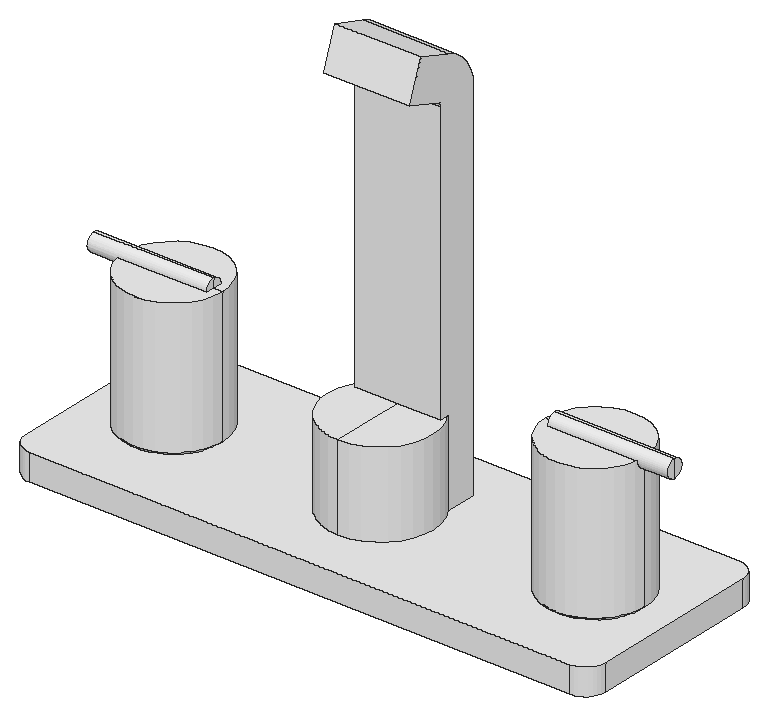
Revit family "Faucet-Lavatory-DXV-Rem-D3510045X_Series", category Plumbing Fixtures, host Face, Revit 2014
Parameters (values of type "D35100450.100")
  Width = 11"  # constant formula
  Waste Connection = yes
  Warranty Documentation Link = "https://www.dxv.com/-/media/files/dxv/warranty/dxv_warranty_booklet.ashx"
  WFU = 2  # constant formula
  Vent Connection = no
  URL = "https://www.dxv.com/"
  Type Comments = ""
  Revised Date = "26/09/2017"  # constant formula
  Product Page URL = "http://www.dxv.com/Product/Rem-Wall-Mount-Lavatory-Faucet"
  Product Documentation Link = "https://dxv01.blob.core.windows.net/dxv-product-pdf-files/spec_D3510045_DXV_Rem_wallmt_faucet_EN.pdf"
  Price = "Prices may vary. Please consult Manufacturer Representative for most up-to-date price list."  # constant formula
  Model = "D35100450.100"
  Material = "Metal-DXV-100-Polished Chrome"
  Length = 8 1/2"  # constant formula
  Installation Type = "Wall Mounted"  # constant formula
  Hot Water Connection Diameter = Hot Water Connection Radius * 2  # 1/2"
  Height = 4"  # constant formula
  Finish = Metal-DXV-100-Polished Chrome
  Manufacturer = "DXV"  # constant formula
  Hot Water Connection Width = 4"  # constant formula
  Hot Water Connection Radius = 1/4"  # constant formula
  HWFU = 1.5  # constant formula
  HW Connection = yes
  Flow Rate = "1.5 gpm (5.7L/min)"
  Description = "Rem Wall Mounted Lavatory Faucet"  # constant formula
  Default Elevation = 40"  # constant formula
  Creation Date = "24/2/2014"  # constant formula
  Cold Water Connection Width = 4"  # constant formula
  Cold Water Connection Radius = 1/4"  # constant formula
  Cold Water Connection Diameter = Cold Water Connection Radius * 2  # 1/2"
  CWFU = 1.5  # constant formula
  CW Connection = yes
  Assembly Code = "D2020300"
  ADA Compliant = yes
Types (5): name | Model | Material | Finish | Flow Rate
  (no name) | "D35100450.100" | "Metal-DXV-100-Polished Chrome" | Metal-DXV-100-Polished Chrome | "1.5 gpm (5.7L/min)"
  D35100450.100 | "D35100450.100" | "Metal-DXV-100-Polished Chrome" | Metal-DXV-100-Polished Chrome | "1.5 gpm (5.7L/min)"
  D35100450.144 | "D35100450.144" | "Metal-DXV-144-Brushed Nickel" | Metal-DXV-144-Brushed Nickel | "1.5 gpm (5.7L/min)"
  D3510045C.144 | "D3510045C.144" | "Metal-DXV-144-Brushed Nickel" | Metal-DXV-144-Brushed Nickel | "1.2 gpm (4.5 L/min)"
  D3510045C.100 | "D3510045C.100" | "Metal-DXV-100-Polished Chrome" | Metal-DXV-100-Polished Chrome | "1.2 gpm (4.5 L/min)"
Reference planes (in)
  plane 1 "Center (Front/Back)": y = 0
  plane 2: z = 0
  plane 3 "Center (Left/Right)": x = 0
  plane 4: z = 8.5
  plane 5: x = 1
  plane 6: x = -1
  plane 7: x = 0.8125
  plane 8: x = -0.8125
  plane 9: z = 0.5
  plane 10: z = 3.25
  plane 11: y = -2
  plane 12: y = 2
  plane 13: z = 8.125
  plane 14: y = -0.15888
  plane 15: y = -0.40888
  plane 16: x = -5.5
  plane 17: x = -4.93767
  plane 18: x = -3.06267
  plane 19: x = 5.5
  plane 20: x = 4.9375
  plane 21: x = 3.0625
  plane 22: x = -4
  plane 23: x = 4
Forms (in)
  Extrusion 1, solid, material "Metal-DXV-100-Polished Chrome" <- "Finish"
    sketch origin (-2.27572, 0, 0) x (0, -1, 0) y (1, 0, 0)
      loop
        arc (-1.625, 7.77572) -> (-1.89017, 7.66589) -> (-2, 7.40072) r 0.375
        line (-2, 7.40072) -> (-2, -2.84921)
        arc (-2, -2.84921) -> (-1.89017, -3.11438) -> (-1.625, -3.22421) r 0.375
        line (-1.625, -3.22421) -> (1.625, -3.22421)
        arc (1.625, -3.22421) -> (1.89017, -3.11438) -> (2, -2.84921) r 0.375
        line (2, -2.84921) -> (2, 7.40072)
        arc (2, 7.40072) -> (1.89017, 7.66589) -> (1.625, 7.77572) r 0.375
        line (1.625, 7.77572) -> (-1.625, 7.77572)
    from 0 to 0.5
  Revolve 2, solid, material "Metal-DXV-100-Polished Chrome" <- "Finish"
    sketch origin (0, -0.09067, 0) x (0, 1, 0) y (0, 0, 1)
      loop
        line (0, 0.5) -> (0, 2.11625) -> (-1, 2.11625) -> (-1, 0.5) -> (0, 0.5)
      axis (0, 2.11625) -> (0, 0.5)
    angle from 0 to 360
  Sweep 3, solid, material "Metal-DXV-100-Polished Chrome" <- "Finish"
    path origin (0, -0.28599, 0.28548) x (0, 1, 0) y (0, 0, 1)
      loop
        line (1.37666, 0.21452) -> (1.37666, 7.15776)
        arc (1.37666, 7.15776) -> (1.21627, 7.66161) -> (0.79413, 7.98002) r 0.8716
        line (0.79413, 7.98002) -> (0.12711, 8.21452)
    profile origin (0, 1.09067, 3.97162) x (0, -1, 0) y (1, 0, 0)
      loop
        line (0, -0.8125) -> (0.76562, -0.8125) -> (0.76562, 0.8125) -> (0, 0.8125) -> (0, -0.8125)
  Revolve 4, solid, material "Metal-DXV-100-Polished Chrome" <- "Finish"
    sketch origin (-9.13707, 0, 0) x (1, 0, 0) y (0, 0, 1)
      loop
        line (5.13707, 3.08399) -> (4.19939, 3.08399) -> (4.19939, 0.53687) -> (4.23626, 0.5) -> (5.13707, 0.5) -> (5.13707, 3.08399)
      axis (5.13707, 3.08399) -> (5.13707, 0.5)
    angle from 0 to 360
  Revolve 5, solid, material "Metal-DXV-100-Polished Chrome" <- "Finish"
    sketch origin (-9.41333, 0, 0.33392) x (1, 0, 0) y (0, 0, 1)
      loop
        line (3.91255, 2.75) -> (6.1789, 2.75) -> (6.1789, 2.91608) -> (3.91255, 2.91608) -> (3.91255, 2.75)
      axis (3.91255, 2.75) -> (6.1789, 2.75)
    angle from 0 to 360
  Extrusion 6, solid, material "Metal-DXV-100-Polished Chrome" <- "Finish", not visible
    sketch origin (0.34375, 0, 0.0705) x (1, 0, 0) y (0, 1, 0)
      loop
        circle (-4.34375, 0) r 0.25
      loop
        circle (3.65625, 0) r 0.25
    from -0.13122 to -0.0705
  Revolve 7, solid, material "Metal-DXV-100-Polished Chrome" <- "Finish"
    sketch origin (9.13707, 0, 0) x (-1, 0, 0) y (0, 0, -1)
      loop
        line (5.13707, -3.08399) -> (5.13707, -0.5) -> (4.23643, -0.5) -> (4.19957, -0.53687) -> (4.19957, -3.08399) -> (5.13707, -3.08399)
      axis (5.13707, -3.08399) -> (5.13707, -0.5)
    angle from 0 to 360
  Revolve 8, solid, material "Metal-DXV-100-Polished Chrome" <- "Finish"
    sketch origin (9.41339, 0, 0.33392) x (-1, 0, 0) y (0, 0, -1)
      loop
        line (3.91255, -2.75) -> (3.91255, -2.91608) -> (6.1789, -2.91608) -> (6.1789, -2.75) -> (3.91255, -2.75)
      axis (3.91255, -2.75) -> (6.1789, -2.75)
    angle from 0 to 360
Cuts and joins
  joined: Extrusion 1, Revolve 2, Sweep 3, Revolve 4, Revolve 5, Revolve 7, Revolve 8
Lines and regions (in)
  Masking region 1
    outline origin (0, 0, 0) x (1, 0, 0) y (0, 0, 1)
      loop
        line (5.5, 0) -> (5.5, 0.5) -> (4.90063, 0.5) -> (4.9375, 0.53687) -> (4.9375, 2.91475) -> (5.50084, 2.91475) -> (5.50084, 3.25095) -> (3.23449, 3.25095) -> (3.23449, 3.08399) -> (3.0625, 3.08399) -> (3.0625, 0.53687) -> (3.09937, 0.5) -> (1, 0.5) -> (1, 2.11625) -> (0.8125, 2.11625) -> (0.8125, 8.5) -> (-0.8125, 8.5) -> (-0.8125, 2.11625) -> (-1.00168, 2.11625) -> (-1.00168, 0.5) -> (-3.0992, 0.5) -> (-3.06233, 0.53687) -> (-3.06233, 3.08399) -> (-3.23442, 3.08399) -> (-3.23442, 3.25) -> (-5.50077, 3.25) -> (-5.50077, 2.91785) -> (-4.93492, 2.91785) -> (-4.93492, 0.53585) -> (-4.89907, 0.5) -> (-5.49994, 0.5) -> (-5.49994, 0) -> (5.5, 0)
  symbolic lines, detail levels medium+fine
    curve 1: line (4.91974, 0, 3.08399) -> (3.23449, 0, 3.08399)
    curve 2: arc (4.91974, 0, 3.08399) -> (4.92332, 0, 2.99893) -> (4.9375, 0, 2.91498) r 0.68037
    curve 4: line (4.90063, 0, 0.5) -> (3.09937, 0, 0.5)
    curve 5: line (0.8125, 0, 2.11625) -> (0.8125, 0, 0.5)
    curve 6: line (-0.8125, 0, 2.11625) -> (-0.8125, 0, 0.5)
    curve 7: line (1, 0, 0.5) -> (-1, 0, 0.5)
    curve 9: line (-4.9008, 0, 0.5) -> (-3.0992, 0, 0.5)
    curve 10: line (-3.23442, 0, 3.08392) -> (-4.92099, 0, 3.08392)
    curve 11: arc (-4.93694, 0, 2.9171) -> (-4.92538, 0, 3.00017) -> (-4.92099, 0, 3.08392) r 0.97719
  symbolic lines, detail levels fine
    curve 3: line (4.9375, 0, 0.53687) -> (3.0625, 0, 0.53687)
    curve 8: line (-4.93767, 0, 0.53687) -> (-3.06233, 0, 0.53687)
Dimensions and locks (in)
  plane 6 to plane 5 = 2"
  plane 8 to plane 7 = 1 5/8"
  plane 10 to plane 9 = 2 3/4"
  plane 9 to host face = 1/2"
  "Height": plane 12 to plane 11
  plane 4 to plane 9 = 8"
  "Length": plane 4 to host face
  plane 13 to host face = 8 1/8"
  "Hot Water Connection Width": plane 22 to plane 3 "Center (Left/Right)"
  "Cold Water Connection Width": plane 3 "Center (Left/Right)" to plane 23
  "Width": plane 16 to plane 19
  plane 22 to plane 23 = 8"
  aligned and locked: plane 2 to host face
  aligned and locked: level to host face
Automatic sketch dimensions
  host sketch curve to host sketch curve = 96"  (x2)
  Extrusion 1 sketch curve to plane 12 = 0"
  Extrusion 1 sketch curve to plane 19 = 0"
  plane 11 to Extrusion 1 sketch curve = 0"
  Extrusion 1 sketch curve to plane 16 = 0.00006"
  Extrusion 1 sketch curve to plane 12 = 3/8"  (x2)
  Extrusion 1 sketch curve to plane 11 = 3/8"
  plane 20 to Extrusion 1 sketch curve = 3/16"
  Revolve 2 sketch curve to plane 9 = 0"
  plane 15 to Revolve 2 sketch curve = 0.68179"
  Revolve 2 sketch curve to plane 14 = 0.06821"  (x2)
  plane 9 to Revolve 2 sketch curve = 0.80812"
  Revolve 2 sketch curve to Revolve 2 sketch curve = 0.17423"
  Revolve 2 sketch curve to plane 10 = 1.13375"
  Sweep 3 sketch curve to profile plane = 0"
  Sweep 3 sketch curve to profile plane = 13/16"
  plane 17 to Revolve 4 sketch curve = 0"
  Revolve 4 sketch curve to plane 9 = 0"
  Revolve 4 sketch curve to plane 22 = 0"  (x2)
  Revolve 4 sketch curve to plane 17 = 0.03687"
  plane 9 to Revolve 4 sketch curve = 0.03687"
  Revolve 4 sketch curve to plane 10 = 1.35068"
  Revolve 4 sketch curve to Revolve 4 sketch curve = 1/4"
  Revolve 4 sketch curve to plane 10 = 0.16601"
  Revolve 5 sketch curve to plane 10 = 0"
  Revolve 5 sketch curve to plane 10 = 0.16608"  (x2)
  plane 16 to Revolve 5 sketch curve = 0.98427"
  Revolve 5 sketch curve to Revolve 5 sketch curve = 0.12695"
  plane 16 to Revolve 5 sketch curve = 0.00077"
  plane 18 to Revolve 5 sketch curve = 0.17175"
  plane 1 "Center (Front/Back)" to Extrusion 6 sketch curve = 0"  (x2)
  Extrusion 6 sketch curve to plane 22 = 0"
  Extrusion 6 sketch curve to plane 23 = 0"
  Revolve 7 sketch curve to plane 20 = 0"
  Revolve 7 sketch curve to plane 9 = 0"
  plane 23 to Revolve 7 sketch curve = 0"  (x2)
  Revolve 7 sketch curve to plane 20 = 0.03687"
  plane 9 to Revolve 7 sketch curve = 0.03687"
  Revolve 7 sketch curve to plane 10 = 1.35068"
  Revolve 7 sketch curve to Revolve 7 sketch curve = 1/4"
  Revolve 7 sketch curve to plane 10 = 0.16601"
  Revolve 8 sketch curve to plane 10 = 0"
  Revolve 8 sketch curve to plane 10 = 0.16608"  (x2)
  plane 19 to Revolve 8 sketch curve = 0.98433"
  Revolve 8 sketch curve to Revolve 8 sketch curve = 0.12695"
  plane 19 to Revolve 8 sketch curve = 0.00084"
  plane 21 to Revolve 8 sketch curve = 0.17199"
  Sweep 3 sketch curve to profile plane = 49/64"
  profile plane to Sweep 3 sketch curve = 13/16"
  Masking region 1 sketch curve to plane 10 = 0"
  Masking region 1 sketch curve to plane 9 = 0"  (x4)
  plane 8 to Masking region 1 sketch curve = 0"
  Masking region 1 sketch curve to plane 4 = 0"
  Masking region 1 sketch curve to plane 7 = 0"
  Masking region 1 sketch curve to plane 5 = 0"
  Masking region 1 sketch curve to plane 21 = 0"
  plane 10 to Masking region 1 sketch curve = 0.00095"
  Masking region 1 sketch curve to plane 20 = 0"
  Masking region 1 sketch curve to plane 19 = 0"
  Masking region 1 sketch curve to level = 0"
  plane 6 to Masking region 1 sketch curve = 0.00168"
  Masking region 1 sketch curve to plane 18 = 0.00035"
  plane 18 to Masking region 1 sketch curve = 0.03652"
  plane 18 to Masking region 1 sketch curve = 0.17175"
  Masking region 1 sketch curve to plane 17 = 0.0386"
  Masking region 1 sketch curve to plane 17 = 0.00276"
  Masking region 1 sketch curve to plane 16 = 0.00006"
  plane 16 to Masking region 1 sketch curve = 0.00077"
  plane 21 to Masking region 1 sketch curve = 0.03687"
  Masking region 1 sketch curve to Masking region 1 sketch curve = 0.17199"
  Masking region 1 sketch curve to plane 20 = 0.03687"
  plane 19 to Masking region 1 sketch curve = 0.00084"
  plane 9 to Masking region 1 sketch curve = 0.03585"
  plane 9 to Masking region 1 sketch curve = 0.03687"  (x3)
  Masking region 1 sketch curve to plane 10 = 1.13375"  (x2)
  Masking region 1 sketch curve to plane 10 = 0.33215"
  Masking region 1 sketch curve to plane 10 = 0.33525"
  Masking region 1 sketch curve to plane 10 = 0.16601"  (x2)
  plane 17 to curve 8 = 0"
  curve 9 to plane 9 = 0"
  plane 6 to curve 7 = 0"
  plane 8 to curve 6 = 0"
  curve 5 to plane 7 = 0"
  curve 7 to plane 5 = 0"
  curve 3 to plane 21 = 0"
  curve 4 to plane 9 = 0"
  curve 3 to plane 20 = 0"
  curve 2 to plane 20 = 0"
  curve 7 to plane 9 = 0"
  curve 11 to plane 10 = 0.15684"
  plane 16 to curve 11 = 0.39814"
  curve 10 to plane 17 = 0.01668"
  curve 1 to plane 20 = 0.01776"
  plane 19 to curve 2 = 0.09996"
  curve 2 to plane 10 = 0.17995"
  curve 10 to plane 10 = 0.16608"
  curve 1 to plane 10 = 0.16601"
  curve 11 to plane 17 = 0.00073"
  curve 9 to plane 17 = 0.03687"
  plane 18 to curve 10 = 0.17175"
  plane 18 to curve 9 = 0.03652"
  curve 8 to plane 18 = 0.00035"
  plane 21 to curve 4 = 0.03687"
  plane 21 to curve 1 = 0.17199"
  curve 4 to plane 20 = 0.03687"
  plane 9 to curve 3 = 0.03687"
  plane 9 to curve 8 = 0.03687"
  curve 6 to plane 10 = 1.13375"
  curve 5 to plane 10 = 1.13375"
  Sweep 3 sketch curve to plane 4 = 0"
  Sweep 3 sketch curve to plane 14 = 0"
  Sweep 3 sketch curve to plane 9 = 0"
  Sweep 3 sketch curve to plane 1 "Center (Front/Back)" = 0.21908"
  plane 13 to Sweep 3 sketch curve = 0.14051"
  Sweep 3 sketch curve to plane 1 "Center (Front/Back)" = 0.50815"
  Sweep 3 sketch curve to plane 13 = 0.68176"
  radius of Extrusion 6 sketch curve = 1/4"  (x2)
Connectors (in)
  piping at (-4, 0, -0.06072), diameter 0.5, driven by "Hot Water Connection Radius", driven by "HWFU"
    settings: on Extrusion 6, index 1, connector inside diameter 1/2", connector length 0", flow factor 0, pipe flow 0 GPM, pressure drop 0.00 psi, fitting loss kfactor 0, connector angle 0.00°, fixture units 1.5, engagement length 0", angle of deflection 0.00°, flow configuration 3, flow direction 1, fitting loss method 0, system type 19, joint type 0, gender type 0, connector reference index -1, connector utility 0, adjustable connector no, is connector primary yes, connector description "1/2\" HW Inlet"
  piping at (4, 0, -0.06072), diameter 0.5, driven by "Cold Water Connection Radius", driven by "CWFU"
    settings: on Extrusion 6, index 2, connector inside diameter 1/2", connector length 0", flow factor 0, pipe flow 0 GPM, pressure drop 0.00 psi, fitting loss kfactor 0, connector angle 0.00°, fixture units 1.5, engagement length 0", angle of deflection 0.00°, flow configuration 3, flow direction 1, fitting loss method 0, system type 20, joint type 0, gender type 0, connector reference index -1, connector utility 0, adjustable connector no, is connector primary no, connector description "1/2\" CW Inlet"
